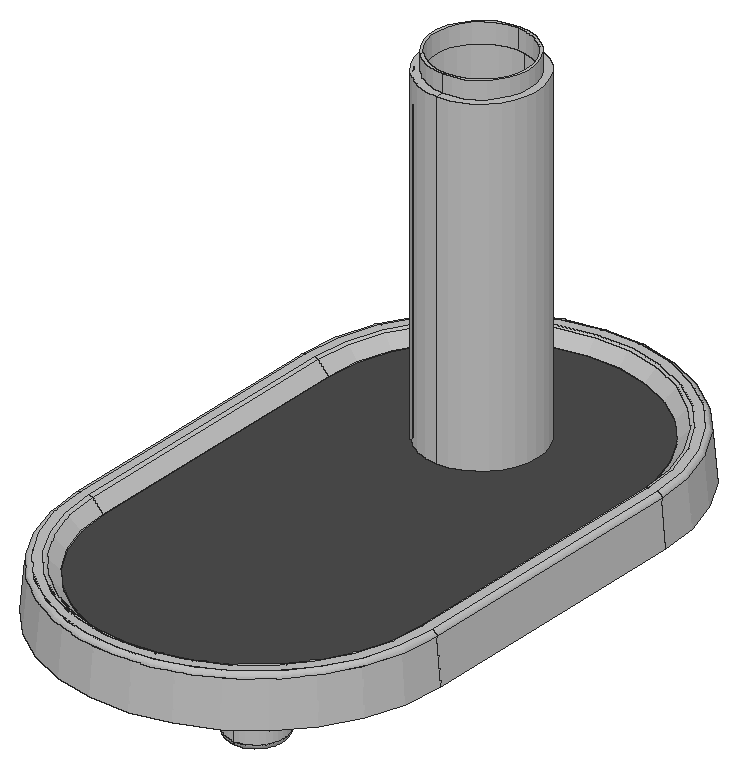
Revit family "HydroTap_Accessory_Zip_Font_Raised", category Plumbing Fixtures, Revit 2018
Family settings
  Round Connector Dimension = Use Diameter
  Part Type = Normal
  OmniClass Number = 23.45.55.11
  OmniClass Title = Sanitary Components
  Work Plane-Based = Yes
  Always vertical = Yes
  Cut with Voids When Loaded = No
  Shared = No
  Room Calculation Point = No
Parameters (values of type "Gunmetal (Z09)")
  Waste Connection = yes
  Vent Connection = no
  Uniclass2015Version = "Products v1.17"
  Uniclass2015Title = "Instant boiling and cold water taps"
  Uniclass2015Code = "Pr_40_70_23_42"
  URL = "https://www.zipwater.com/"
  Type Comments = "Gunmetal Finish"
  ModifiedIssue = 20210323
  Model = "Z09"
  ManufacturerURLProductSpecific = "https://www.zipwater.com/shop/hydrotap-accessories"
  ManufacturerSpecCode = "95258Z09"
  ManufacturerOverallWidth = 152 mm  # constant formula
  ManufacturerOverallHeight = 194 mm
  ManufacturerOverallDepth = 268 mm  # constant formula
  ManufacturerHeightFromFFL [instance] = 0 mm
  Manufacturer = "Zip Australia"
  IfcExportType = "NOTDEFINED"
  IfcExportAs = "IfcWasteTerminal"
  HW Connection = no
  FixtureMaterial = Metal_Gunmetal_Zip
  Description = "Raised Tap Font for HydroTap"
  Default Elevation = 0 mm
  CreatedBy = "IGS BIM Solutions"  # constant formula
  CreatedByURL = "https://igsgroup.com.au"
  CW Connection = no
Types (9, lengths in mm): name | Type Comments | Model | ManufacturerSpecCode | FixtureMaterial
  Gunmetal (Z09) | "Gunmetal Finish" | "Z09" | "95258Z09" | Metal_Gunmetal_Zip
  Brushed Nickel (Z11) | "Brushed Nickel Finish" | "Z11" | "95258Z11" | Metal_BrushedNickel_Zip
  Brushed Stainless Steel (Z13) | "Brushed Stainless Steel Finish" | "Z13" | "95258Z13" | Metal_BrushedStainlessSteel_Zip
  Brushed Rose Gold (Z05) | "Brushed Rose Gold Finish" | "Z05" | "95258Z05" | Metal_BrushedRoseGold_Zip
  Matte White (Z14) | "Matte White Finish" | "Z14" | "95258Z14" | Metal_MatteWhite_Zip
  Matte Black (Z03) | "Matte Black Finish" | "Z03" | "95258Z03" | Metal_MatteBlack_Zip
  Brushed Gold (Z07) | "Brushed Gold Finish" | "Z07" | "95258Z07" | Metal_BrushedGold_Zip
  Chrome (Z00) | "Chrome Finish" | "Z00" | "95258Z00" | Metal_Chrome_Zip
  Brushed Chrome (Z01) | "Brushed Chrome Finish" | "Z01" | "95258Z01" | Metal_BrushedChrome_Zip
Reference planes
  plane 1 "Ref. Level": z = 0
  plane 2 "Center (Left/Right)": x = 1
  plane 3 "Bottom": z = -43.6
  plane 4 "Top": z = 150.4
  plane 5 "Back": y = 124.25
  plane 6 "Center (Front/Back)": y = -9.75
  plane 7 "Top of benchtop": z = 0
  plane 8 "Right": x = 77
  plane 9 "Left": x = -75
  plane 10 "Front": y = -143.75
  plane 11 "Center of Tap": y = 48.25
  plane 12 "Center of Drain": y = -67.75
Forms (mm)
  Revolve 1, solid, material "Metal_Gunmetal_Zip" <- "FixtureMaterial", detail levels medium+fine
    sketch origin (1, 0.312, 0) x (0, 1, 0) y (0, 0, 1)
      loop
        line (70.937, 150.4) -> (67.759, 150.4) -> (67.759, 157.4) -> (66.759, 157.4) -> (66.759, 149.4) -> (69.937, 149.4) -> (69.937, 15) -> (70.937, 15) -> (70.937, 150.4)
      axis (47.937, 15) -> (47.937, 157.4)
    angle from 0 to 360
  Revolve 2, solid, material "Metal_Gunmetal_Zip" <- "FixtureMaterial", detail levels fine
    sketch origin (1, 0, 0) x (0, 1, 0) y (0, 0, 1)
      loop
        line (-67.75, 0) -> (-110.75, 0) -> (-79.25, -18.187) -> (-79.25, -41.6)
        arc (-79.25, -41.6) -> (-78.664, -43.014) -> (-77.25, -43.6) r 2
        line (-77.25, -43.6) -> (-67.75, -43.6) -> (-67.75, 0)
      axis (-67.75, 0) -> (-67.75, -43.6)
    angle from 0 to 360
  Extrusion 3, solid, material "Metal_Gunmetal_Zip" <- "FixtureMaterial", detail levels coarse
    sketch origin (0, 0, 0) x (-1, 0, 0) y (0, -1, 0)
      loop
        circle (-1, -48.25) r 23
    from 20 to 150.4
  Sweep 4, solid, material "Metal_Gunmetal_Zip" <- "FixtureMaterial", detail levels fine
    path origin (0, 0, 0) x (-1, 0, 0) y (0, -1, 0)
      loop
        arc (75, 67.75) -> (-1, 143.75) -> (-77, 67.75) r 76
        line (-77, 67.75) -> (-77, -48.25)
        arc (-77, -48.25) -> (-1, -124.25) -> (75, -48.25) r 76
        line (75, -48.25) -> (75, 67.75)
    profile origin (-75, -9.75, 0) x (-1, 0, 0) y (0, 0, 1)
      loop
        line (0, 0) -> (-1.59, 18.174)
        arc (-1.59, 18.174) -> (-2.231, 19.475) -> (-3.582, 20) r 2
        line (-3.582, 20) -> (-7.172, 20)
        arc (-7.172, 20) -> (-7.937, 19.848) -> (-8.586, 19.414) r 2
        line (-8.586, 19.414) -> (-13, 15) -> (-13, 0) -> (0, 0)
  Extrusion 5, solid, material "Black_Zip", detail levels medium+fine
    sketch origin (-243, -1524, 0) x (-1, 0, 0) y (0, -1, 0)
      loop
        line (-181, -1572.25) -> (-181, -1456.25)
        arc (-181, -1456.25) -> (-244, -1393.25) -> (-307, -1456.25) r 63
        line (-307, -1456.25) -> (-307, -1572.25)
        arc (-307, -1572.25) -> (-244, -1635.25) -> (-181, -1572.25) r 63
    from 0 to 15
  Sweep 6, solid, material "Metal_Gunmetal_Zip" <- "FixtureMaterial", detail levels medium
    path origin (0, 0, 0) x (-1, 0, 0) y (0, -1, 0)
      loop
        arc (75, 67.75) -> (-1, 143.75) -> (-77, 67.75) r 76
        line (-77, 67.75) -> (-77, -48.25)
        arc (-77, -48.25) -> (-1, -124.25) -> (75, -48.25) r 76
        line (75, -48.25) -> (75, 67.75)
    profile origin (-75, -9.75, 0) x (-1, 0, 0) y (0, 0, 1)
      loop
        line (0, 0) -> (0, 20) -> (-13, 20) -> (-13, 0) -> (0, 0)
  Extrusion 7, solid, material "Metal_Gunmetal_Zip" <- "FixtureMaterial", detail levels coarse
    sketch origin (-243, -1524, 0) x (-1, 0, 0) y (0, -1, 0)
      loop
        line (-168, -1572.25) -> (-168, -1456.25)
        arc (-168, -1456.25) -> (-244, -1380.25) -> (-320, -1456.25) r 76
        line (-320, -1456.25) -> (-320, -1572.25)
        arc (-320, -1572.25) -> (-244, -1648.25) -> (-168, -1572.25) r 76
    from 0 to 20
Lines and regions (mm)
  Masking region 1
    outline origin (0, 0, 0) x (1, 0, 0) y (0, 1, 0)
      loop
        arc (77, 48.25) -> (1, 124.25) -> (-75, 48.25) r 76
        line (-75, 48.25) -> (-75, -67.75)
        arc (-75, -67.75) -> (1, -143.75) -> (77, -67.75) r 76
        line (77, -67.75) -> (77, 48.25)
  symbolic lines, style "Taps/Mixers", detail levels medium+fine
    curve 1: line (-62, -67.75, 150.4) -> (-62, 48.25, 150.4)
    curve 2: arc (-62, 48.25, 150.4) -> (1, 111.25, 150.4) -> (64, 48.25, 150.4) r 63
    curve 3: line (64, 48.25, 150.4) -> (64, -67.75, 150.4)
    curve 4: arc (64, -67.75, 150.4) -> (1, -130.75, 150.4) -> (-62, -67.75, 150.4) r 63
Text (mm)
  text "Disclaimer:\nDue to ongoing product development and manufacturing evolution, product details are subject to change without notice. Please refer to product technical data sheets on the manufacturers website for the most current product information. Please allow a +/- 5mm manufacturing tolerance for dimensions and set-outs shown in product literature." at (444.026, 182.768, 0), in view "Ref. Level_Instruction"
Dimensions and locks
  equal spacing: plane 5 "Back", plane 6 "Center (Front/Back)", plane 10 "Front"
  "ManufacturerOverallHeight": plane 4 "Top" to plane 3 "Bottom"
  plane 4 "Top" to plane 7 "Top of benchtop" = 150.4 mm
  "ManufacturerHeightFromFFL": plane 7 "Top of benchtop" to plane 1 "Ref. Level"
  equal spacing: plane 9 "Left", plane 2 "Center (Left/Right)", plane 8 "Right"
  "ManufacturerOverallWidth": plane 9 "Left" to plane 8 "Right"
  "ManufacturerOverallDepth": plane 5 "Back" to plane 10 "Front"
  locked: plane 5 "Back" to plane 11 "Center of Tap" at 76
  locked: plane 12 "Center of Drain" to plane 10 "Front" at 76
  locked: plane 7 "Top of benchtop" to plane 3 "Bottom" at 43.6
  locked: Revolve 1 sketch curve to plane 7 "Top of benchtop" at 15
  locked: Revolve 2 sketch curve to plane 3 "Bottom" at 25.413
  aligned and locked: plane 4 "Top" to Extrusion 3
  aligned and locked: Revolve 2 sketch curve to plane 7 "Top of benchtop"
  aligned and locked: Revolve 2 sketch curve to plane 3 "Bottom"
Automatic sketch dimensions
  Extrusion 3 sketch curve to plane 2 "Center (Left/Right)" = 0 mm
  Extrusion 3 sketch curve to plane 5 "Back" = 76 mm
  Revolve 1 sketch curve to plane 4 "Top" = 0 mm
  Revolve 1 sketch curve to plane 5 "Back" = 57.178 mm
  Revolve 1 sketch curve to Revolve 1 sketch curve = 1 mm
  Revolve 1 sketch curve to plane 5 "Back" = 54 mm
  Revolve 1 sketch curve to plane 5 "Back" = 53 mm
  Revolve 1 sketch curve to plane 4 "Top" = 1 mm
  plane 4 "Top" to Revolve 1 sketch curve = 7 mm
  level to Revolve 1 sketch curve = 0.174 mm
  Revolve 1 sketch curve to Revolve 1 sketch curve = 61.939 mm
  Sweep 4 sketch curve to plane 2 "Center (Left/Right)" = 0 mm
  Sweep 4 sketch curve to plane 6 "Center (Front/Back)" = 58 mm
  Sweep 4 sketch curve to plane 8 "Right" = 0 mm
  Sweep 4 sketch curve to plane 7 "Top of benchtop" = 0 mm
  Sweep 4 sketch curve to profile plane = 0 mm
  profile plane to Sweep 4 sketch curve = 1.59 mm
  Sweep 4 sketch curve to Sweep 4 sketch curve = 1.992 mm
  Sweep 4 sketch curve to Sweep 4 sketch curve = 2 mm
  plane 7 "Top of benchtop" to Sweep 4 sketch curve = 15 mm
  Sweep 4 sketch curve to Sweep 4 sketch curve = 3 mm
  Sweep 4 sketch curve to Sweep 4 sketch curve = 0 mm
  Sweep 4 sketch curve to Sweep 4 sketch curve = 3.589 mm
  Sweep 4 sketch curve to Sweep 4 sketch curve = 1.414 mm
  Sweep 4 sketch curve to Sweep 4 sketch curve = 4.414 mm
  Extrusion 5 sketch curve to plane 2 "Center (Left/Right)" = 0 mm
  plane 9 "Left" to Extrusion 5 sketch curve = 13 mm
  Extrusion 5 sketch curve to plane 6 "Center (Front/Back)" = 58 mm
  Sweep 6 sketch curve to plane 8 "Right" = 0 mm
  Sweep 6 sketch curve to plane 2 "Center (Left/Right)" = 0 mm
  Sweep 6 sketch curve to plane 6 "Center (Front/Back)" = 58 mm
  Sweep 6 sketch curve to plane 7 "Top of benchtop" = 0 mm
  Sweep 6 sketch curve to profile plane = 0 mm
  Sweep 6 sketch curve to Sweep 6 sketch curve = 13 mm
  plane 7 "Top of benchtop" to Sweep 6 sketch curve = 20 mm
  Extrusion 7 sketch curve to plane 8 "Right" = 0 mm
  Extrusion 7 sketch curve to plane 2 "Center (Left/Right)" = 0 mm
  Extrusion 7 sketch curve to plane 6 "Center (Front/Back)" = 58 mm
  Revolve 2 sketch curve to plane 12 "Center of Drain" = 0 mm  (x2)
  Revolve 2 sketch curve to level = 0 mm
  Revolve 2 sketch curve to plane 12 "Center of Drain" = 9.5 mm
  Revolve 2 sketch curve to Revolve 2 sketch curve = 2 mm
  plane 10 "Front" to Revolve 2 sketch curve = 33 mm
  Revolve 2 sketch curve to Revolve 2 sketch curve = 12.18 mm
  Masking region 1 sketch curve to plane 9 "Left" = 0 mm
  Masking region 1 sketch curve to plane 2 "Center (Left/Right)" = 0 mm
  Masking region 1 sketch curve to plane 12 "Center of Drain" = 0 mm
  Masking region 1 sketch curve to plane 11 "Center of Tap" = 0 mm
  curve 2 to plane 2 "Center (Left/Right)" = 0 mm
  curve 2 to plane 11 "Center of Tap" = 0 mm
  curve 3 to plane 12 "Center of Drain" = 0 mm
  Revolve 1 sketch curve to plane 11 "Center of Tap" = 0 mm
  Sweep 4 sketch curve to plane 11 "Center of Tap" = 0 mm
  Extrusion 5 sketch curve to plane 11 "Center of Tap" = 0 mm
  Sweep 6 sketch curve to plane 11 "Center of Tap" = 0 mm
  Extrusion 7 sketch curve to plane 11 "Center of Tap" = 0 mm
  curve 3 to plane 8 "Right" = 13 mm
  radius of Extrusion 3 sketch curve = 23 mm
